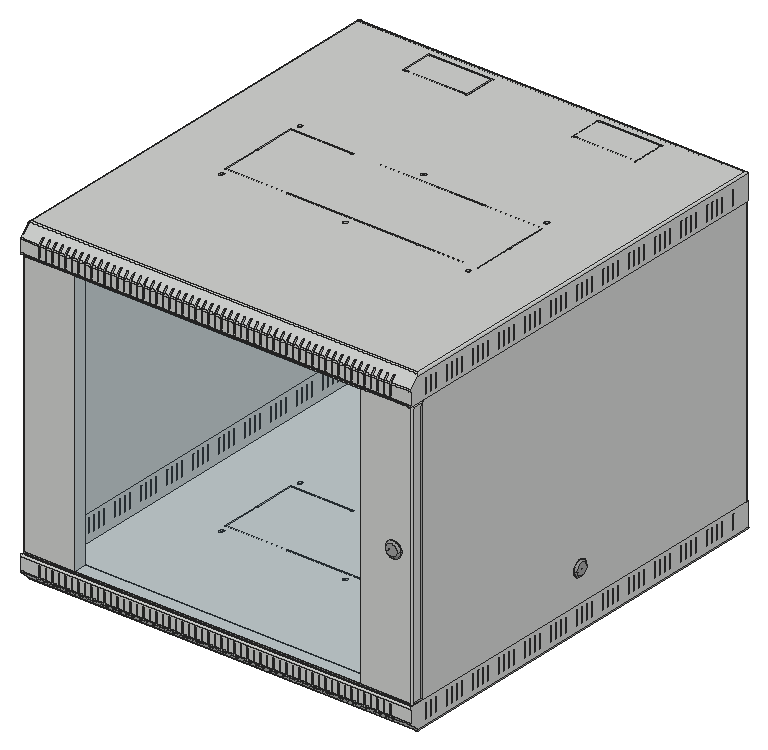
Revit family "600х650", category Обобщенные модели, Revit 2019 (continued)
Definition of nested family "Крышка 650"
  Forms (mm)
    Extrusion 70, void, detail levels medium+fine
      sketch origin (-272.566, 67.262, 0) x (1, 0, 0) y (0, 1, 0)
        loop
          arc (31.066, 148.933) -> (32.566, 147.433) -> (34.066, 148.933) r 1.5
          line (34.066, 148.933) -> (34.066, 172.333)
          arc (34.066, 172.333) -> (32.566, 173.833) -> (31.066, 172.333) r 1.5
      from 640 to 650 <- "ADSK_Размер_Глубина"
    Extrusion 71, void, detail levels medium+fine
      sketch origin (-262.566, 67.262, 0) x (1, 0, 0) y (0, 1, 0)
        loop
          line (31.066, 172.333) -> (31.066, 148.933)
          arc (31.066, 148.933) -> (32.566, 147.433) -> (34.066, 148.933) r 1.5
          line (34.066, 148.933) -> (34.066, 172.333)
          arc (34.066, 172.333) -> (32.566, 173.833) -> (31.066, 172.333) r 1.5
      from 640 to 650 <- "ADSK_Размер_Глубина"
    Extrusion 72, void, detail levels medium+fine
      sketch origin (-252.566, 67.262, 0) x (1, 0, 0) y (0, 1, 0)
        loop
          line (31.066, 172.333) -> (31.066, 148.933)
          arc (31.066, 148.933) -> (32.566, 147.433) -> (34.066, 148.933) r 1.5
          line (34.066, 148.933) -> (34.066, 172.333)
          arc (34.066, 172.333) -> (32.566, 173.833) -> (31.066, 172.333) r 1.5
      from 640 to 650 <- "ADSK_Размер_Глубина"
    Extrusion 73, void, detail levels medium+fine
      sketch origin (-242.566, 67.262, 0) x (1, 0, 0) y (0, 1, 0)
        loop
          line (31.066, 172.333) -> (31.066, 148.933)
          arc (31.066, 148.933) -> (32.566, 147.433) -> (34.066, 148.933) r 1.5
          line (34.066, 148.933) -> (34.066, 172.333)
          arc (34.066, 172.333) -> (32.566, 173.833) -> (31.066, 172.333) r 1.5
      from 640 to 650 <- "ADSK_Размер_Глубина"
    Extrusion 74, void, detail levels medium+fine
      sketch origin (-232.566, 67.262, 0) x (1, 0, 0) y (0, 1, 0)
        loop
          line (31.066, 172.333) -> (31.066, 148.933)
          arc (31.066, 148.933) -> (32.566, 147.433) -> (34.066, 148.933) r 1.5
          line (34.066, 148.933) -> (34.066, 172.333)
          arc (34.066, 172.333) -> (32.566, 173.833) -> (31.066, 172.333) r 1.5
      from 640 to 650 <- "ADSK_Размер_Глубина"
    Extrusion 75, void, detail levels medium+fine
      sketch origin (-222.566, 67.262, 0) x (1, 0, 0) y (0, 1, 0)
        loop
          line (31.066, 172.333) -> (31.066, 148.933)
          arc (31.066, 148.933) -> (32.566, 147.433) -> (34.066, 148.933) r 1.5
          line (34.066, 148.933) -> (34.066, 172.333)
          arc (34.066, 172.333) -> (32.566, 173.833) -> (31.066, 172.333) r 1.5
      from 640 to 650 <- "ADSK_Размер_Глубина"
    Extrusion 76, void, detail levels medium+fine
      sketch origin (-212.566, 67.262, 0) x (1, 0, 0) y (0, 1, 0)
        loop
          line (31.066, 172.333) -> (31.066, 148.933)
          arc (31.066, 148.933) -> (32.566, 147.433) -> (34.066, 148.933) r 1.5
          line (34.066, 148.933) -> (34.066, 172.333)
          arc (34.066, 172.333) -> (32.566, 173.833) -> (31.066, 172.333) r 1.5
      from 640 to 650 <- "ADSK_Размер_Глубина"
    Extrusion 77, void, detail levels medium+fine
      sketch origin (-202.566, 67.262, 0) x (1, 0, 0) y (0, 1, 0)
        loop
          line (31.066, 172.333) -> (31.066, 148.933)
          arc (31.066, 148.933) -> (32.566, 147.433) -> (34.066, 148.933) r 1.5
          line (34.066, 148.933) -> (34.066, 172.333)
          arc (34.066, 172.333) -> (32.566, 173.833) -> (31.066, 172.333) r 1.5
      from 640 to 650 <- "ADSK_Размер_Глубина"
    Extrusion 78, void, detail levels medium+fine
      sketch origin (-192.566, 67.262, 0) x (1, 0, 0) y (0, 1, 0)
        loop
          line (31.066, 172.333) -> (31.066, 148.933)
          arc (31.066, 148.933) -> (32.566, 147.433) -> (34.066, 148.933) r 1.5
          line (34.066, 148.933) -> (34.066, 172.333)
          arc (34.066, 172.333) -> (32.566, 173.833) -> (31.066, 172.333) r 1.5
      from 640 to 650 <- "ADSK_Размер_Глубина"
    Extrusion 79, void, detail levels medium+fine
      sketch origin (-182.566, 67.262, 0) x (1, 0, 0) y (0, 1, 0)
        loop
          line (31.066, 172.333) -> (31.066, 148.933)
          arc (31.066, 148.933) -> (32.566, 147.433) -> (34.066, 148.933) r 1.5
          line (34.066, 148.933) -> (34.066, 172.333)
          arc (34.066, 172.333) -> (32.566, 173.833) -> (31.066, 172.333) r 1.5
      from 640 to 650 <- "ADSK_Размер_Глубина"
    Extrusion 80, void, detail levels medium+fine
      sketch origin (-172.566, 67.262, 0) x (1, 0, 0) y (0, 1, 0)
        loop
          line (31.066, 172.333) -> (31.066, 148.933)
          arc (31.066, 148.933) -> (32.566, 147.433) -> (34.066, 148.933) r 1.5
          line (34.066, 148.933) -> (34.066, 172.333)
          arc (34.066, 172.333) -> (32.566, 173.833) -> (31.066, 172.333) r 1.5
      from 640 to 650 <- "ADSK_Размер_Глубина"
    Extrusion 81, void, detail levels medium+fine
      sketch origin (-162.566, 67.262, 0) x (1, 0, 0) y (0, 1, 0)
        loop
          line (31.066, 172.333) -> (31.066, 148.933)
          arc (31.066, 148.933) -> (32.566, 147.433) -> (34.066, 148.933) r 1.5
          line (34.066, 148.933) -> (34.066, 172.333)
          arc (34.066, 172.333) -> (32.566, 173.833) -> (31.066, 172.333) r 1.5
      from 640 to 650 <- "ADSK_Размер_Глубина"
    Extrusion 82, void, detail levels medium+fine
      sketch origin (-152.566, 67.262, 0) x (1, 0, 0) y (0, 1, 0)
        loop
          line (31.066, 172.333) -> (31.066, 148.933)
          arc (31.066, 148.933) -> (32.566, 147.433) -> (34.066, 148.933) r 1.5
          line (34.066, 148.933) -> (34.066, 172.333)
          arc (34.066, 172.333) -> (32.566, 173.833) -> (31.066, 172.333) r 1.5
      from 640 to 650 <- "ADSK_Размер_Глубина"
    Extrusion 83, void, detail levels medium+fine
      sketch origin (-142.566, 67.262, 0) x (1, 0, 0) y (0, 1, 0)
        loop
          line (31.066, 172.333) -> (31.066, 148.933)
          arc (31.066, 148.933) -> (32.566, 147.433) -> (34.066, 148.933) r 1.5
          line (34.066, 148.933) -> (34.066, 172.333)
          arc (34.066, 172.333) -> (32.566, 173.833) -> (31.066, 172.333) r 1.5
      from 640 to 650 <- "ADSK_Размер_Глубина"
    Extrusion 84, void, detail levels medium+fine
      sketch origin (-132.566, 67.262, 0) x (1, 0, 0) y (0, 1, 0)
        loop
          line (31.066, 172.333) -> (31.066, 148.933)
          arc (31.066, 148.933) -> (32.566, 147.433) -> (34.066, 148.933) r 1.5
          line (34.066, 148.933) -> (34.066, 172.333)
          arc (34.066, 172.333) -> (32.566, 173.833) -> (31.066, 172.333) r 1.5
      from 640 to 650 <- "ADSK_Размер_Глубина"
    Extrusion 85, void, detail levels medium+fine
      sketch origin (-122.566, 67.262, 0) x (1, 0, 0) y (0, 1, 0)
        loop
          line (31.066, 172.333) -> (31.066, 148.933)
          arc (31.066, 148.933) -> (32.566, 147.433) -> (34.066, 148.933) r 1.5
          line (34.066, 148.933) -> (34.066, 172.333)
          arc (34.066, 172.333) -> (32.566, 173.833) -> (31.066, 172.333) r 1.5
      from 640 to 650 <- "ADSK_Размер_Глубина"
    Extrusion 86, void, detail levels medium+fine
      sketch origin (-112.566, 67.262, 0) x (1, 0, 0) y (0, 1, 0)
        loop
          line (31.066, 172.333) -> (31.066, 148.933)
          arc (31.066, 148.933) -> (32.566, 147.433) -> (34.066, 148.933) r 1.5
          line (34.066, 148.933) -> (34.066, 172.333)
          arc (34.066, 172.333) -> (32.566, 173.833) -> (31.066, 172.333) r 1.5
      from 640 to 650 <- "ADSK_Размер_Глубина"
    Extrusion 87, void, detail levels medium+fine
      sketch origin (-102.566, 67.262, 0) x (1, 0, 0) y (0, 1, 0)
        loop
          line (31.066, 172.333) -> (31.066, 148.933)
          arc (31.066, 148.933) -> (32.566, 147.433) -> (34.066, 148.933) r 1.5
          line (34.066, 148.933) -> (34.066, 172.333)
          arc (34.066, 172.333) -> (32.566, 173.833) -> (31.066, 172.333) r 1.5
      from 640 to 650 <- "ADSK_Размер_Глубина"
    Extrusion 88, void, detail levels medium+fine
      sketch origin (-92.566, 67.262, 0) x (1, 0, 0) y (0, 1, 0)
        loop
          line (31.066, 172.333) -> (31.066, 148.933)
          arc (31.066, 148.933) -> (32.566, 147.433) -> (34.066, 148.933) r 1.5
          line (34.066, 148.933) -> (34.066, 172.333)
          arc (34.066, 172.333) -> (32.566, 173.833) -> (31.066, 172.333) r 1.5
      from 640 to 650 <- "ADSK_Размер_Глубина"
    Extrusion 89, void, detail levels medium+fine
      sketch origin (-82.566, 67.262, 0) x (1, 0, 0) y (0, 1, 0)
        loop
          line (31.066, 172.333) -> (31.066, 148.933)
          arc (31.066, 148.933) -> (32.566, 147.433) -> (34.066, 148.933) r 1.5
          line (34.066, 148.933) -> (34.066, 172.333)
          arc (34.066, 172.333) -> (32.566, 173.833) -> (31.066, 172.333) r 1.5
      from 640 to 650 <- "ADSK_Размер_Глубина"
    Extrusion 90, void, detail levels medium+fine
      sketch origin (-72.566, 67.262, 0) x (1, 0, 0) y (0, 1, 0)
        loop
          line (31.066, 172.333) -> (31.066, 148.933)
          arc (31.066, 148.933) -> (32.566, 147.433) -> (34.066, 148.933) r 1.5
          line (34.066, 148.933) -> (34.066, 172.333)
          arc (34.066, 172.333) -> (32.566, 173.833) -> (31.066, 172.333) r 1.5
      from 640 to 650 <- "ADSK_Размер_Глубина"
    Extrusion 91, void, detail levels medium+fine
      sketch origin (-62.566, 67.262, 0) x (1, 0, 0) y (0, 1, 0)
        loop
          line (31.066, 172.333) -> (31.066, 148.933)
          arc (31.066, 148.933) -> (32.566, 147.433) -> (34.066, 148.933) r 1.5
          line (34.066, 148.933) -> (34.066, 172.333)
          arc (34.066, 172.333) -> (32.566, 173.833) -> (31.066, 172.333) r 1.5
      from 640 to 650 <- "ADSK_Размер_Глубина"
    Extrusion 92, void, detail levels medium+fine
      sketch origin (-52.566, 67.262, 0) x (1, 0, 0) y (0, 1, 0)
        loop
          line (31.066, 172.333) -> (31.066, 148.933)
          arc (31.066, 148.933) -> (32.566, 147.433) -> (34.066, 148.933) r 1.5
          line (34.066, 148.933) -> (34.066, 172.333)
          arc (34.066, 172.333) -> (32.566, 173.833) -> (31.066, 172.333) r 1.5
      from 640 to 650 <- "ADSK_Размер_Глубина"
    Extrusion 93, void, detail levels medium+fine
      sketch origin (-42.566, 67.262, 0) x (1, 0, 0) y (0, 1, 0)
        loop
          line (31.066, 172.333) -> (31.066, 148.933)
          arc (31.066, 148.933) -> (32.566, 147.433) -> (34.066, 148.933) r 1.5
          line (34.066, 148.933) -> (34.066, 172.333)
          arc (34.066, 172.333) -> (32.566, 173.833) -> (31.066, 172.333) r 1.5
      from 640 to 650 <- "ADSK_Размер_Глубина"
    Extrusion 94, void, detail levels medium+fine
      sketch origin (-32.566, 67.262, 0) x (1, 0, 0) y (0, 1, 0)
        loop
          line (31.066, 172.333) -> (31.066, 148.933)
          arc (31.066, 148.933) -> (32.566, 147.433) -> (34.066, 148.933) r 1.5
          line (34.066, 148.933) -> (34.066, 172.333)
          arc (34.066, 172.333) -> (32.566, 173.833) -> (31.066, 172.333) r 1.5
      from 640 to 650 <- "ADSK_Размер_Глубина"
    Extrusion 95, void, detail levels medium+fine
      sketch origin (-22.566, 67.262, 0) x (1, 0, 0) y (0, 1, 0)
        loop
          line (31.066, 172.333) -> (31.066, 148.933)
          arc (31.066, 148.933) -> (32.566, 147.433) -> (34.066, 148.933) r 1.5
          line (34.066, 148.933) -> (34.066, 172.333)
          arc (34.066, 172.333) -> (32.566, 173.833) -> (31.066, 172.333) r 1.5
      from 640 to 650 <- "ADSK_Размер_Глубина"
    Extrusion 96, void, detail levels medium+fine
      sketch origin (-12.566, 67.262, 0) x (1, 0, 0) y (0, 1, 0)
        loop
          line (31.066, 172.333) -> (31.066, 148.933)
          arc (31.066, 148.933) -> (32.566, 147.433) -> (34.066, 148.933) r 1.5
          line (34.066, 148.933) -> (34.066, 172.333)
          arc (34.066, 172.333) -> (32.566, 173.833) -> (31.066, 172.333) r 1.5
      from 640 to 650 <- "ADSK_Размер_Глубина"
    Extrusion 97, void, detail levels medium+fine
      sketch origin (-2.566, 67.262, 0) x (1, 0, 0) y (0, 1, 0)
        loop
          line (31.066, 172.333) -> (31.066, 148.933)
          arc (31.066, 148.933) -> (32.566, 147.433) -> (34.066, 148.933) r 1.5
          line (34.066, 148.933) -> (34.066, 172.333)
          arc (34.066, 172.333) -> (32.566, 173.833) -> (31.066, 172.333) r 1.5
      from 640 to 650 <- "ADSK_Размер_Глубина"
    Extrusion 98, void, detail levels medium+fine
      sketch origin (7.434, 67.262, 0) x (1, 0, 0) y (0, 1, 0)
        loop
          line (31.066, 172.333) -> (31.066, 148.933)
          arc (31.066, 148.933) -> (32.566, 147.433) -> (34.066, 148.933) r 1.5
          line (34.066, 148.933) -> (34.066, 172.333)
          arc (34.066, 172.333) -> (32.566, 173.833) -> (31.066, 172.333) r 1.5
      from 640 to 650 <- "ADSK_Размер_Глубина"
    Extrusion 99, void, detail levels medium+fine
      sketch origin (17.434, 67.262, 0) x (1, 0, 0) y (0, 1, 0)
        loop
          line (31.066, 172.333) -> (31.066, 148.933)
          arc (31.066, 148.933) -> (32.566, 147.433) -> (34.066, 148.933) r 1.5
          line (34.066, 148.933) -> (34.066, 172.333)
          arc (34.066, 172.333) -> (32.566, 173.833) -> (31.066, 172.333) r 1.5
      from 640 to 650 <- "ADSK_Размер_Глубина"
    Extrusion 100, void, detail levels medium+fine
      sketch origin (27.434, 67.262, 0) x (1, 0, 0) y (0, 1, 0)
        loop
          line (31.066, 172.333) -> (31.066, 148.933)
          arc (31.066, 148.933) -> (32.566, 147.433) -> (34.066, 148.933) r 1.5
          line (34.066, 148.933) -> (34.066, 172.333)
          arc (34.066, 172.333) -> (32.566, 173.833) -> (31.066, 172.333) r 1.5
      from 640 to 650 <- "ADSK_Размер_Глубина"
    Extrusion 101, void, detail levels medium+fine
      sketch origin (37.434, 67.262, 0) x (1, 0, 0) y (0, 1, 0)
        loop
          line (31.066, 172.333) -> (31.066, 148.933)
          arc (31.066, 148.933) -> (32.566, 147.433) -> (34.066, 148.933) r 1.5
          line (34.066, 148.933) -> (34.066, 172.333)
          arc (34.066, 172.333) -> (32.566, 173.833) -> (31.066, 172.333) r 1.5
      from 640 to 650 <- "ADSK_Размер_Глубина"
    Extrusion 102, void, detail levels medium+fine
      sketch origin (47.434, 67.262, 0) x (1, 0, 0) y (0, 1, 0)
        loop
          line (31.066, 172.333) -> (31.066, 148.933)
          arc (31.066, 148.933) -> (32.566, 147.433) -> (34.066, 148.933) r 1.5
          line (34.066, 148.933) -> (34.066, 172.333)
          arc (34.066, 172.333) -> (32.566, 173.833) -> (31.066, 172.333) r 1.5
      from 640 to 650 <- "ADSK_Размер_Глубина"
    Extrusion 103, void, detail levels medium+fine
      sketch origin (57.434, 67.262, 0) x (1, 0, 0) y (0, 1, 0)
        loop
          line (31.066, 172.333) -> (31.066, 148.933)
          arc (31.066, 148.933) -> (32.566, 147.433) -> (34.066, 148.933) r 1.5
          line (34.066, 148.933) -> (34.066, 172.333)
          arc (34.066, 172.333) -> (32.566, 173.833) -> (31.066, 172.333) r 1.5
      from 640 to 650 <- "ADSK_Размер_Глубина"
    Extrusion 104, void, detail levels medium+fine
      sketch origin (67.434, 67.262, 0) x (1, 0, 0) y (0, 1, 0)
        loop
          line (31.066, 172.333) -> (31.066, 148.933)
          arc (31.066, 148.933) -> (32.566, 147.433) -> (34.066, 148.933) r 1.5
          line (34.066, 148.933) -> (34.066, 172.333)
          arc (34.066, 172.333) -> (32.566, 173.833) -> (31.066, 172.333) r 1.5
      from 640 to 650 <- "ADSK_Размер_Глубина"
    Extrusion 105, void, detail levels medium+fine
      sketch origin (77.434, 67.262, 0) x (1, 0, 0) y (0, 1, 0)
        loop
          line (31.066, 172.333) -> (31.066, 148.933)
          arc (31.066, 148.933) -> (32.566, 147.433) -> (34.066, 148.933) r 1.5
          line (34.066, 148.933) -> (34.066, 172.333)
          arc (34.066, 172.333) -> (32.566, 173.833) -> (31.066, 172.333) r 1.5
      from 640 to 650 <- "ADSK_Размер_Глубина"
    Extrusion 106, void, detail levels medium+fine
      sketch origin (87.434, 67.262, 0) x (1, 0, 0) y (0, 1, 0)
        loop
          line (31.066, 172.333) -> (31.066, 148.933)
          arc (31.066, 148.933) -> (32.566, 147.433) -> (34.066, 148.933) r 1.5
          line (34.066, 148.933) -> (34.066, 172.333)
          arc (34.066, 172.333) -> (32.566, 173.833) -> (31.066, 172.333) r 1.5
      from 640 to 650 <- "ADSK_Размер_Глубина"
    Extrusion 107, void, detail levels medium+fine
      sketch origin (97.434, 67.262, 0) x (1, 0, 0) y (0, 1, 0)
        loop
          line (31.066, 172.333) -> (31.066, 148.933)
          arc (31.066, 148.933) -> (32.566, 147.433) -> (34.066, 148.933) r 1.5
          line (34.066, 148.933) -> (34.066, 172.333)
          arc (34.066, 172.333) -> (32.566, 173.833) -> (31.066, 172.333) r 1.5
      from 640 to 650 <- "ADSK_Размер_Глубина"
    Extrusion 108, void, detail levels medium+fine
      sketch origin (107.434, 67.262, 0) x (1, 0, 0) y (0, 1, 0)
        loop
          line (31.066, 172.333) -> (31.066, 148.933)
          arc (31.066, 148.933) -> (32.566, 147.433) -> (34.066, 148.933) r 1.5
          line (34.066, 148.933) -> (34.066, 172.333)
          arc (34.066, 172.333) -> (32.566, 173.833) -> (31.066, 172.333) r 1.5
      from 640 to 650 <- "ADSK_Размер_Глубина"
    Extrusion 109, void, detail levels medium+fine
      sketch origin (117.434, 67.262, 0) x (1, 0, 0) y (0, 1, 0)
        loop
          line (31.066, 172.333) -> (31.066, 148.933)
          arc (31.066, 148.933) -> (32.566, 147.433) -> (34.066, 148.933) r 1.5
          line (34.066, 148.933) -> (34.066, 172.333)
          arc (34.066, 172.333) -> (32.566, 173.833) -> (31.066, 172.333) r 1.5
      from 640 to 650 <- "ADSK_Размер_Глубина"
    Extrusion 110, void, detail levels medium+fine
      sketch origin (127.434, 67.262, 0) x (1, 0, 0) y (0, 1, 0)
        loop
          line (31.066, 172.333) -> (31.066, 148.933)
          arc (31.066, 148.933) -> (32.566, 147.433) -> (34.066, 148.933) r 1.5
          line (34.066, 148.933) -> (34.066, 172.333)
          arc (34.066, 172.333) -> (32.566, 173.833) -> (31.066, 172.333) r 1.5
      from 640 to 650 <- "ADSK_Размер_Глубина"
    Extrusion 111, void, detail levels medium+fine
      sketch origin (137.434, 67.262, 0) x (1, 0, 0) y (0, 1, 0)
        loop
          line (31.066, 172.333) -> (31.066, 148.933)
          arc (31.066, 148.933) -> (32.566, 147.433) -> (34.066, 148.933) r 1.5
          line (34.066, 148.933) -> (34.066, 172.333)
          arc (34.066, 172.333) -> (32.566, 173.833) -> (31.066, 172.333) r 1.5
      from 640 to 650 <- "ADSK_Размер_Глубина"
    Extrusion 112, void, detail levels medium+fine
      sketch origin (147.434, 67.262, 0) x (1, 0, 0) y (0, 1, 0)
        loop
          line (31.066, 172.333) -> (31.066, 148.933)
          arc (31.066, 148.933) -> (32.566, 147.433) -> (34.066, 148.933) r 1.5
          line (34.066, 148.933) -> (34.066, 172.333)
          arc (34.066, 172.333) -> (32.566, 173.833) -> (31.066, 172.333) r 1.5
      from 640 to 650 <- "ADSK_Размер_Глубина"
    Extrusion 113, void, detail levels medium+fine
      sketch origin (157.434, 67.262, 0) x (1, 0, 0) y (0, 1, 0)
        loop
          line (31.066, 172.333) -> (31.066, 148.933)
          arc (31.066, 148.933) -> (32.566, 147.433) -> (34.066, 148.933) r 1.5
          line (34.066, 148.933) -> (34.066, 172.333)
          arc (34.066, 172.333) -> (32.566, 173.833) -> (31.066, 172.333) r 1.5
      from 640 to 650 <- "ADSK_Размер_Глубина"
    Extrusion 114, void, detail levels medium+fine
      sketch origin (167.434, 67.262, 0) x (1, 0, 0) y (0, 1, 0)
        loop
          line (31.066, 172.333) -> (31.066, 148.933)
          arc (31.066, 148.933) -> (32.566, 147.433) -> (34.066, 148.933) r 1.5
          line (34.066, 148.933) -> (34.066, 172.333)
          arc (34.066, 172.333) -> (32.566, 173.833) -> (31.066, 172.333) r 1.5
      from 640 to 650 <- "ADSK_Размер_Глубина"
    Extrusion 115, void, detail levels medium+fine
      sketch origin (177.434, 67.262, 0) x (1, 0, 0) y (0, 1, 0)
        loop
          line (31.066, 172.333) -> (31.066, 148.933)
          arc (31.066, 148.933) -> (32.566, 147.433) -> (34.066, 148.933) r 1.5
          line (34.066, 148.933) -> (34.066, 172.333)
          arc (34.066, 172.333) -> (32.566, 173.833) -> (31.066, 172.333) r 1.5
      from 640 to 650 <- "ADSK_Размер_Глубина"
    Extrusion 116, void, detail levels medium+fine
      sketch origin (187.434, 67.262, 0) x (1, 0, 0) y (0, 1, 0)
        loop
          line (31.066, 172.333) -> (31.066, 148.933)
          arc (31.066, 148.933) -> (32.566, 147.433) -> (34.066, 148.933) r 1.5
          line (34.066, 148.933) -> (34.066, 172.333)
          arc (34.066, 172.333) -> (32.566, 173.833) -> (31.066, 172.333) r 1.5
      from 640 to 650 <- "ADSK_Размер_Глубина"
    Extrusion 117, void, detail levels medium+fine
      sketch origin (197.434, 67.262, 0) x (1, 0, 0) y (0, 1, 0)
        loop
          line (31.066, 172.333) -> (31.066, 148.933)
          arc (31.066, 148.933) -> (32.566, 147.433) -> (34.066, 148.933) r 1.5
          line (34.066, 148.933) -> (34.066, 172.333)
          arc (34.066, 172.333) -> (32.566, 173.833) -> (31.066, 172.333) r 1.5
      from 640 to 650 <- "ADSK_Размер_Глубина"
    Extrusion 118, void, detail levels medium+fine
      sketch origin (207.434, 67.262, 0) x (1, 0, 0) y (0, 1, 0)
        loop
          line (31.066, 172.333) -> (31.066, 148.933)
          arc (31.066, 148.933) -> (32.566, 147.433) -> (34.066, 148.933) r 1.5
          line (34.066, 148.933) -> (34.066, 172.333)
          arc (34.066, 172.333) -> (32.566, 173.833) -> (31.066, 172.333) r 1.5
      from 640 to 650 <- "ADSK_Размер_Глубина"
    Extrusion 119, void, detail levels medium+fine
      sketch origin (217.434, 67.262, 0) x (1, 0, 0) y (0, 1, 0)
        loop
          line (31.066, 172.333) -> (31.066, 148.933)
          arc (31.066, 148.933) -> (32.566, 147.433) -> (34.066, 148.933) r 1.5
          line (34.066, 148.933) -> (34.066, 172.333)
          arc (34.066, 172.333) -> (32.566, 173.833) -> (31.066, 172.333) r 1.5
      from 640 to 650 <- "ADSK_Размер_Глубина"
    Extrusion 120, void, detail levels medium+fine
      sketch origin (227.434, 67.262, 0) x (1, 0, 0) y (0, 1, 0)
        loop
          line (31.066, 172.333) -> (31.066, 148.933)
          arc (31.066, 148.933) -> (32.566, 147.433) -> (34.066, 148.933) r 1.5
          line (34.066, 148.933) -> (34.066, 172.333)
          arc (34.066, 172.333) -> (32.566, 173.833) -> (31.066, 172.333) r 1.5
      from 640 to 650 <- "ADSK_Размер_Глубина"
    Extrusion 121, void, detail levels medium+fine
      sketch origin (237.434, 67.262, 0) x (1, 0, 0) y (0, 1, 0)
        loop
          line (31.066, 172.333) -> (31.066, 148.933)
          arc (31.066, 148.933) -> (32.566, 147.433) -> (34.066, 148.933) r 1.5
          line (34.066, 148.933) -> (34.066, 172.333)
          arc (34.066, 172.333) -> (32.566, 173.833) -> (31.066, 172.333) r 1.5
      from 640 to 650 <- "ADSK_Размер_Глубина"
    Extrusion 122, void, detail levels medium+fine
      sketch origin (0, 0, -154.506) x (0, 1, 0) y (0, 0, -1)
        loop
          arc (238.196, -626.499) -> (239.942, -624.752) -> (238.196, -623.006) r 1.747
          line (238.196, -623.006) -> (216.196, -623.006)
          arc (216.196, -623.006) -> (214.449, -624.752) -> (216.196, -626.499) r 1.747
          line (216.196, -626.499) -> (238.196, -626.499)
      from 299 to 300
    Extrusion 123, void, detail levels medium+fine
      sketch origin (0, 0, -174.506) x (0, 1, 0) y (0, 0, -1)
        loop
          arc (238.196, -626.499) -> (239.942, -624.752) -> (238.196, -623.006) r 1.747
          line (238.196, -623.006) -> (216.196, -623.006)
          arc (216.196, -623.006) -> (214.449, -624.752) -> (216.196, -626.499) r 1.747
          line (216.196, -626.499) -> (238.196, -626.499)
      from 299 to 300
    Extrusion 124, void, detail levels medium+fine
      sketch origin (0, 0, -164.506) x (0, 1, 0) y (0, 0, -1)
        loop
          arc (238.196, -626.499) -> (239.942, -624.752) -> (238.196, -623.006) r 1.747
          line (238.196, -623.006) -> (216.196, -623.006)
          arc (216.196, -623.006) -> (214.449, -624.752) -> (216.196, -626.499) r 1.747
          line (216.196, -626.499) -> (238.196, -626.499)
      from 299 to 300
    Extrusion 125, void, detail levels medium+fine
      sketch origin (0, 0, -184.506) x (0, 1, 0) y (0, 0, -1)
        loop
          arc (238.196, -626.499) -> (239.942, -624.752) -> (238.196, -623.006) r 1.747
          line (238.196, -623.006) -> (216.196, -623.006)
          arc (216.196, -623.006) -> (214.449, -624.752) -> (216.196, -626.499) r 1.747
          line (216.196, -626.499) -> (238.196, -626.499)
      from 299 to 300
    Extrusion 126, void, detail levels medium+fine
      sketch origin (0, 0, -204.506) x (0, 1, 0) y (0, 0, -1)
        loop
          arc (238.196, -426.499) -> (239.942, -424.752) -> (238.196, -423.006) r 1.747
          line (238.196, -423.006) -> (216.196, -423.006)
          arc (216.196, -423.006) -> (214.449, -424.752) -> (216.196, -426.499) r 1.747
          line (216.196, -426.499) -> (238.196, -426.499)
      from 299 to 300
    Extrusion 127, void, detail levels medium+fine
      sketch origin (0, 0, -194.506) x (0, 1, 0) y (0, 0, -1)
        loop
          arc (238.196, -626.499) -> (239.942, -624.752) -> (238.196, -623.006) r 1.747
          line (238.196, -623.006) -> (216.196, -623.006)
          arc (216.196, -623.006) -> (214.449, -624.752) -> (216.196, -626.499) r 1.747
          line (216.196, -626.499) -> (238.196, -626.499)
      from 299 to 300
    Extrusion 128, void, detail levels medium+fine
      sketch origin (0, 0, -214.506) x (0, 1, 0) y (0, 0, -1)
        loop
          arc (238.196, -426.499) -> (239.942, -424.752) -> (238.196, -423.006) r 1.747
          line (238.196, -423.006) -> (216.196, -423.006)
          arc (216.196, -423.006) -> (214.449, -424.752) -> (216.196, -426.499) r 1.747
          line (216.196, -426.499) -> (238.196, -426.499)
      from 299 to 300
    Extrusion 129, void, detail levels medium+fine
      sketch origin (0, 0, -234.506) x (0, 1, 0) y (0, 0, -1)
        loop
          arc (238.196, -426.499) -> (239.942, -424.752) -> (238.196, -423.006) r 1.747
          line (238.196, -423.006) -> (216.196, -423.006)
          arc (216.196, -423.006) -> (214.449, -424.752) -> (216.196, -426.499) r 1.747
          line (216.196, -426.499) -> (238.196, -426.499)
      from 299 to 300
    Extrusion 130, void, detail levels medium+fine
      sketch origin (0, 0, -224.506) x (0, 1, 0) y (0, 0, -1)
        loop
          arc (238.196, -426.499) -> (239.942, -424.752) -> (238.196, -423.006) r 1.747
          line (238.196, -423.006) -> (216.196, -423.006)
          arc (216.196, -423.006) -> (214.449, -424.752) -> (216.196, -426.499) r 1.747
          line (216.196, -426.499) -> (238.196, -426.499)
      from 299 to 300
    Extrusion 131, void, detail levels medium+fine
      sketch origin (0, 0, -244.506) x (0, 1, 0) y (0, 0, -1)
        loop
          arc (238.196, -426.499) -> (239.942, -424.752) -> (238.196, -423.006) r 1.747
          line (238.196, -423.006) -> (216.196, -423.006)
          arc (216.196, -423.006) -> (214.449, -424.752) -> (216.196, -426.499) r 1.747
          line (216.196, -426.499) -> (238.196, -426.499)
      from 299 to 300
    Extrusion 132, void, detail levels medium+fine
      sketch origin (0, 0, -194.506) x (0, 1, 0) y (0, 0, 1)
        loop
          line (238.196, 626.499) -> (216.196, 626.499)
          arc (216.196, 626.499) -> (214.449, 624.752) -> (216.196, 623.006) r 1.747
          line (216.196, 623.006) -> (238.196, 623.006)
          arc (238.196, 623.006) -> (239.942, 624.752) -> (238.196, 626.499) r 1.747
      from 299 to 300
    Extrusion 133, void, detail levels medium+fine
      sketch origin (0, 0, -184.506) x (0, 1, 0) y (0, 0, 1)
        loop
          line (238.196, 626.499) -> (216.196, 626.499)
          arc (216.196, 626.499) -> (214.449, 624.752) -> (216.196, 623.006) r 1.747
          line (216.196, 623.006) -> (238.196, 623.006)
          arc (238.196, 623.006) -> (239.942, 624.752) -> (238.196, 626.499) r 1.747
      from 299 to 300
    Extrusion 134, void, detail levels medium+fine
      sketch origin (0, 0, -174.506) x (0, 1, 0) y (0, 0, 1)
        loop
          line (238.196, 626.499) -> (216.196, 626.499)
          arc (216.196, 626.499) -> (214.449, 624.752) -> (216.196, 623.006) r 1.747
          line (216.196, 623.006) -> (238.196, 623.006)
          arc (238.196, 623.006) -> (239.942, 624.752) -> (238.196, 626.499) r 1.747
      from 299 to 300
    Extrusion 135, void, detail levels medium+fine
      sketch origin (0, 0, -164.506) x (0, 1, 0) y (0, 0, 1)
        loop
          line (238.196, 626.499) -> (216.196, 626.499)
          arc (216.196, 626.499) -> (214.449, 624.752) -> (216.196, 623.006) r 1.747
          line (216.196, 623.006) -> (238.196, 623.006)
          arc (238.196, 623.006) -> (239.942, 624.752) -> (238.196, 626.499) r 1.747
      from 299 to 300
    Extrusion 136, void, detail levels medium+fine
      sketch origin (0, 0, -154.506) x (0, 1, 0) y (0, 0, 1)
        loop
          line (238.196, 626.499) -> (216.196, 626.499)
          arc (216.196, 626.499) -> (214.449, 624.752) -> (216.196, 623.006) r 1.747
          line (216.196, 623.006) -> (238.196, 623.006)
          arc (238.196, 623.006) -> (239.942, 624.752) -> (238.196, 626.499) r 1.747
      from 299 to 300
    Extrusion 137, void, detail levels medium+fine
      sketch origin (0, 0, -244.506) x (0, 1, 0) y (0, 0, -1)
        loop
          arc (238.196, -626.499) -> (239.942, -624.752) -> (238.196, -623.006) r 1.747
          line (238.196, -623.006) -> (216.196, -623.006)
          arc (216.196, -623.006) -> (214.449, -624.752) -> (216.196, -626.499) r 1.747
          line (216.196, -626.499) -> (238.196, -626.499)
      from 299 to 300
    Extrusion 138, void, detail levels medium+fine
      sketch origin (0, 0, -234.506) x (0, 1, 0) y (0, 0, -1)
        loop
          arc (238.196, -626.499) -> (239.942, -624.752) -> (238.196, -623.006) r 1.747
          line (238.196, -623.006) -> (216.196, -623.006)
          arc (216.196, -623.006) -> (214.449, -624.752) -> (216.196, -626.499) r 1.747
          line (216.196, -626.499) -> (238.196, -626.499)
      from 299 to 300
    Extrusion 139, void, detail levels medium+fine
      sketch origin (0, 0, -224.506) x (0, 1, 0) y (0, 0, -1)
        loop
          arc (238.196, -626.499) -> (239.942, -624.752) -> (238.196, -623.006) r 1.747
          line (238.196, -623.006) -> (216.196, -623.006)
          arc (216.196, -623.006) -> (214.449, -624.752) -> (216.196, -626.499) r 1.747
          line (216.196, -626.499) -> (238.196, -626.499)
      from 299 to 300
    Extrusion 140, void, detail levels medium+fine
      sketch origin (0, 0, -214.506) x (0, 1, 0) y (0, 0, -1)
        loop
          arc (238.196, -626.499) -> (239.942, -624.752) -> (238.196, -623.006) r 1.747
          line (238.196, -623.006) -> (216.196, -623.006)
          arc (216.196, -623.006) -> (214.449, -624.752) -> (216.196, -626.499) r 1.747
          line (216.196, -626.499) -> (238.196, -626.499)
      from 299 to 300
    Extrusion 141, void, detail levels medium+fine
      sketch origin (0, 0, -204.506) x (0, 1, 0) y (0, 0, -1)
        loop
          arc (238.196, -626.499) -> (239.942, -624.752) -> (238.196, -623.006) r 1.747
          line (238.196, -623.006) -> (216.196, -623.006)
          arc (216.196, -623.006) -> (214.449, -624.752) -> (216.196, -626.499) r 1.747
          line (216.196, -626.499) -> (238.196, -626.499)
      from 299 to 300
    Extrusion 142, void, detail levels medium+fine
      sketch origin (0, 0, -254.506) x (0, 1, 0) y (0, 0, -1)
        loop
          arc (238.196, -526.499) -> (239.942, -524.752) -> (238.196, -523.006) r 1.747
          line (238.196, -523.006) -> (216.196, -523.006)
          arc (216.196, -523.006) -> (214.449, -524.752) -> (216.196, -526.499) r 1.747
          line (216.196, -526.499) -> (238.196, -526.499)
      from 299 to 300
    Extrusion 143, void, detail levels medium+fine
      sketch origin (0, 0, -274.506) x (0, 1, 0) y (0, 0, -1)
        loop
          arc (238.196, -526.499) -> (239.942, -524.752) -> (238.196, -523.006) r 1.747
          line (238.196, -523.006) -> (216.196, -523.006)
          arc (216.196, -523.006) -> (214.449, -524.752) -> (216.196, -526.499) r 1.747
          line (216.196, -526.499) -> (238.196, -526.499)
      from 299 to 300
    Extrusion 144, void, detail levels medium+fine
      sketch origin (0, 0, -264.506) x (0, 1, 0) y (0, 0, -1)
        loop
          arc (238.196, -526.499) -> (239.942, -524.752) -> (238.196, -523.006) r 1.747
          line (238.196, -523.006) -> (216.196, -523.006)
          arc (216.196, -523.006) -> (214.449, -524.752) -> (216.196, -526.499) r 1.747
          line (216.196, -526.499) -> (238.196, -526.499)
      from 299 to 300
    Extrusion 145, void, detail levels medium+fine
      sketch origin (0, 0, -284.506) x (0, 1, 0) y (0, 0, -1)
        loop
          arc (238.196, -526.499) -> (239.942, -524.752) -> (238.196, -523.006) r 1.747
          line (238.196, -523.006) -> (216.196, -523.006)
          arc (216.196, -523.006) -> (214.449, -524.752) -> (216.196, -526.499) r 1.747
          line (216.196, -526.499) -> (238.196, -526.499)
      from 299 to 300
    Extrusion 146, void, detail levels medium+fine
      sketch origin (0, 0, -294.506) x (0, 1, 0) y (0, 0, -1)
        loop
          arc (238.196, -526.499) -> (239.942, -524.752) -> (238.196, -523.006) r 1.747
          line (238.196, -523.006) -> (216.196, -523.006)
          arc (216.196, -523.006) -> (214.449, -524.752) -> (216.196, -526.499) r 1.747
          line (216.196, -526.499) -> (238.196, -526.499)
      from 299 to 300
    Extrusion 147, void, detail levels medium+fine
      sketch origin (0, 0, -244.506) x (0, 1, 0) y (0, 0, 1)
        loop
          line (238.196, 626.499) -> (216.196, 626.499)
          arc (216.196, 626.499) -> (214.449, 624.752) -> (216.196, 623.006) r 1.747
          line (216.196, 623.006) -> (238.196, 623.006)
          arc (238.196, 623.006) -> (239.942, 624.752) -> (238.196, 626.499) r 1.747
      from 299 to 300
    Extrusion 148, void, detail levels medium+fine
      sketch origin (0, 0, -234.506) x (0, 1, 0) y (0, 0, 1)
        loop
          line (238.196, 626.499) -> (216.196, 626.499)
          arc (216.196, 626.499) -> (214.449, 624.752) -> (216.196, 623.006) r 1.747
          line (216.196, 623.006) -> (238.196, 623.006)
          arc (238.196, 623.006) -> (239.942, 624.752) -> (238.196, 626.499) r 1.747
      from 299 to 300
    Extrusion 149, void, detail levels medium+fine
      sketch origin (0, 0, -224.506) x (0, 1, 0) y (0, 0, 1)
        loop
          line (238.196, 626.499) -> (216.196, 626.499)
          arc (216.196, 626.499) -> (214.449, 624.752) -> (216.196, 623.006) r 1.747
          line (216.196, 623.006) -> (238.196, 623.006)
          arc (238.196, 623.006) -> (239.942, 624.752) -> (238.196, 626.499) r 1.747
      from 299 to 300
    Extrusion 150, void, detail levels medium+fine
      sketch origin (0, 0, -214.506) x (0, 1, 0) y (0, 0, 1)
        loop
          line (238.196, 626.499) -> (216.196, 626.499)
          arc (216.196, 626.499) -> (214.449, 624.752) -> (216.196, 623.006) r 1.747
          line (216.196, 623.006) -> (238.196, 623.006)
          arc (238.196, 623.006) -> (239.942, 624.752) -> (238.196, 626.499) r 1.747
      from 299 to 300
    Extrusion 151, void, detail levels medium+fine
      sketch origin (0, 0, -204.506) x (0, 1, 0) y (0, 0, 1)
        loop
          line (238.196, 626.499) -> (216.196, 626.499)
          arc (216.196, 626.499) -> (214.449, 624.752) -> (216.196, 623.006) r 1.747
          line (216.196, 623.006) -> (238.196, 623.006)
          arc (238.196, 623.006) -> (239.942, 624.752) -> (238.196, 626.499) r 1.747
      from 299 to 300
    Extrusion 152, void, detail levels medium+fine
      sketch origin (0, 0, -294.506) x (0, 1, 0) y (0, 0, 1)
        loop
          line (238.196, 526.499) -> (216.196, 526.499)
          arc (216.196, 526.499) -> (214.449, 524.752) -> (216.196, 523.006) r 1.747
          line (216.196, 523.006) -> (238.196, 523.006)
          arc (238.196, 523.006) -> (239.942, 524.752) -> (238.196, 526.499) r 1.747
      from 299 to 300
    Extrusion 153, void, detail levels medium+fine
      sketch origin (0, 0, -284.506) x (0, 1, 0) y (0, 0, 1)
        loop
          line (238.196, 526.499) -> (216.196, 526.499)
          arc (216.196, 526.499) -> (214.449, 524.752) -> (216.196, 523.006) r 1.747
          line (216.196, 523.006) -> (238.196, 523.006)
          arc (238.196, 523.006) -> (239.942, 524.752) -> (238.196, 526.499) r 1.747
      from 299 to 300
    Extrusion 154, void, detail levels medium+fine
      sketch origin (0, 0, -274.506) x (0, 1, 0) y (0, 0, 1)
        loop
          line (238.196, 526.499) -> (216.196, 526.499)
          arc (216.196, 526.499) -> (214.449, 524.752) -> (216.196, 523.006) r 1.747
          line (216.196, 523.006) -> (238.196, 523.006)
          arc (238.196, 523.006) -> (239.942, 524.752) -> (238.196, 526.499) r 1.747
      from 299 to 300
    Extrusion 155, void, detail levels medium+fine
      sketch origin (0, 0, -264.506) x (0, 1, 0) y (0, 0, 1)
        loop
          line (238.196, 526.499) -> (216.196, 526.499)
          arc (216.196, 526.499) -> (214.449, 524.752) -> (216.196, 523.006) r 1.747
          line (216.196, 523.006) -> (238.196, 523.006)
          arc (238.196, 523.006) -> (239.942, 524.752) -> (238.196, 526.499) r 1.747
      from 299 to 300
    Extrusion 156, void, detail levels medium+fine
      sketch origin (0, 0, -254.506) x (0, 1, 0) y (0, 0, 1)
        loop
          line (238.196, 526.499) -> (216.196, 526.499)
          arc (216.196, 526.499) -> (214.449, 524.752) -> (216.196, 523.006) r 1.747
          line (216.196, 523.006) -> (238.196, 523.006)
          arc (238.196, 523.006) -> (239.942, 524.752) -> (238.196, 526.499) r 1.747
      from 299 to 300
    Extrusion 157, void, detail levels medium+fine
      sketch origin (0, 0, -334.506) x (0, 1, 0) y (0, 0, 1)
        loop
          line (238.196, 526.499) -> (216.196, 526.499)
          arc (216.196, 526.499) -> (214.449, 524.752) -> (216.196, 523.006) r 1.747
          line (216.196, 523.006) -> (238.196, 523.006)
          arc (238.196, 523.006) -> (239.942, 524.752) -> (238.196, 526.499) r 1.747
      from 299 to 300
    Extrusion 158, void, detail levels medium+fine
      sketch origin (0, 0, -324.506) x (0, 1, 0) y (0, 0, 1)
        loop
          line (238.196, 526.499) -> (216.196, 526.499)
          arc (216.196, 526.499) -> (214.449, 524.752) -> (216.196, 523.006) r 1.747
          line (216.196, 523.006) -> (238.196, 523.006)
          arc (238.196, 523.006) -> (239.942, 524.752) -> (238.196, 526.499) r 1.747
      from 299 to 300
    Extrusion 159, void, detail levels medium+fine
      sketch origin (0, 0, -314.506) x (0, 1, 0) y (0, 0, 1)
        loop
          line (238.196, 526.499) -> (216.196, 526.499)
          arc (216.196, 526.499) -> (214.449, 524.752) -> (216.196, 523.006) r 1.747
          line (216.196, 523.006) -> (238.196, 523.006)
          arc (238.196, 523.006) -> (239.942, 524.752) -> (238.196, 526.499) r 1.747
      from 299 to 300
    Extrusion 160, void, detail levels medium+fine
      sketch origin (0, 0, -304.506) x (0, 1, 0) y (0, 0, 1)
        loop
          line (238.196, 526.499) -> (216.196, 526.499)
          arc (216.196, 526.499) -> (214.449, 524.752) -> (216.196, 523.006) r 1.747
          line (216.196, 523.006) -> (238.196, 523.006)
          arc (238.196, 523.006) -> (239.942, 524.752) -> (238.196, 526.499) r 1.747
      from 299 to 300
    Extrusion 161, void, detail levels medium+fine
      sketch origin (0, 0, -344.506) x (0, 1, 0) y (0, 0, 1)
        loop
          line (238.196, 526.499) -> (216.196, 526.499)
          arc (216.196, 526.499) -> (214.449, 524.752) -> (216.196, 523.006) r 1.747
          line (216.196, 523.006) -> (238.196, 523.006)
          arc (238.196, 523.006) -> (239.942, 524.752) -> (238.196, 526.499) r 1.747
      from 299 to 300
    Extrusion 162, void, detail levels medium+fine
      sketch origin (0, 0, -294.506) x (0, 1, 0) y (0, 0, 1)
        loop
          line (238.196, 626.499) -> (216.196, 626.499)
          arc (216.196, 626.499) -> (214.449, 624.752) -> (216.196, 623.006) r 1.747
          line (216.196, 623.006) -> (238.196, 623.006)
          arc (238.196, 623.006) -> (239.942, 624.752) -> (238.196, 626.499) r 1.747
      from 299 to 300
    Extrusion 163, void, detail levels medium+fine
      sketch origin (0, 0, -284.506) x (0, 1, 0) y (0, 0, 1)
        loop
          line (238.196, 626.499) -> (216.196, 626.499)
          arc (216.196, 626.499) -> (214.449, 624.752) -> (216.196, 623.006) r 1.747
          line (216.196, 623.006) -> (238.196, 623.006)
          arc (238.196, 623.006) -> (239.942, 624.752) -> (238.196, 626.499) r 1.747
      from 299 to 300
    Extrusion 164, void, detail levels medium+fine
      sketch origin (0, 0, -274.506) x (0, 1, 0) y (0, 0, 1)
        loop
          line (238.196, 626.499) -> (216.196, 626.499)
          arc (216.196, 626.499) -> (214.449, 624.752) -> (216.196, 623.006) r 1.747
          line (216.196, 623.006) -> (238.196, 623.006)
          arc (238.196, 623.006) -> (239.942, 624.752) -> (238.196, 626.499) r 1.747
      from 299 to 300
    Extrusion 165, void, detail levels medium+fine
      sketch origin (0, 0, -264.506) x (0, 1, 0) y (0, 0, 1)
        loop
          line (238.196, 626.499) -> (216.196, 626.499)
          arc (216.196, 626.499) -> (214.449, 624.752) -> (216.196, 623.006) r 1.747
          line (216.196, 623.006) -> (238.196, 623.006)
          arc (238.196, 623.006) -> (239.942, 624.752) -> (238.196, 626.499) r 1.747
      from 299 to 300
    Extrusion 166, void, detail levels medium+fine
      sketch origin (0, 0, -254.506) x (0, 1, 0) y (0, 0, 1)
        loop
          line (238.196, 626.499) -> (216.196, 626.499)
          arc (216.196, 626.499) -> (214.449, 624.752) -> (216.196, 623.006) r 1.747
          line (216.196, 623.006) -> (238.196, 623.006)
          arc (238.196, 623.006) -> (239.942, 624.752) -> (238.196, 626.499) r 1.747
      from 299 to 300
    Extrusion 167, void, detail levels medium+fine
      sketch origin (0, 0, -344.506) x (0, 1, 0) y (0, 0, 1)
        loop
          line (238.196, 626.499) -> (216.196, 626.499)
          arc (216.196, 626.499) -> (214.449, 624.752) -> (216.196, 623.006) r 1.747
          line (216.196, 623.006) -> (238.196, 623.006)
          arc (238.196, 623.006) -> (239.942, 624.752) -> (238.196, 626.499) r 1.747
      from 299 to 300
    Extrusion 168, void, detail levels medium+fine
      sketch origin (0, 0, -334.506) x (0, 1, 0) y (0, 0, 1)
        loop
          line (238.196, 626.499) -> (216.196, 626.499)
          arc (216.196, 626.499) -> (214.449, 624.752) -> (216.196, 623.006) r 1.747
          line (216.196, 623.006) -> (238.196, 623.006)
          arc (238.196, 623.006) -> (239.942, 624.752) -> (238.196, 626.499) r 1.747
      from 299 to 300
    Extrusion 169, void, detail levels medium+fine
      sketch origin (0, 0, -324.506) x (0, 1, 0) y (0, 0, 1)
        loop
          line (238.196, 626.499) -> (216.196, 626.499)
          arc (216.196, 626.499) -> (214.449, 624.752) -> (216.196, 623.006) r 1.747
          line (216.196, 623.006) -> (238.196, 623.006)
          arc (238.196, 623.006) -> (239.942, 624.752) -> (238.196, 626.499) r 1.747
      from 299 to 300
    Extrusion 170, void, detail levels medium+fine
      sketch origin (0, 0, -314.506) x (0, 1, 0) y (0, 0, 1)
        loop
          line (238.196, 626.499) -> (216.196, 626.499)
          arc (216.196, 626.499) -> (214.449, 624.752) -> (216.196, 623.006) r 1.747
          line (216.196, 623.006) -> (238.196, 623.006)
          arc (238.196, 623.006) -> (239.942, 624.752) -> (238.196, 626.499) r 1.747
      from 299 to 300
    Extrusion 171, void, detail levels medium+fine
      sketch origin (0, 0, -304.506) x (0, 1, 0) y (0, 0, 1)
        loop
          line (238.196, 626.499) -> (216.196, 626.499)
          arc (216.196, 626.499) -> (214.449, 624.752) -> (216.196, 623.006) r 1.747
          line (216.196, 623.006) -> (238.196, 623.006)
          arc (238.196, 623.006) -> (239.942, 624.752) -> (238.196, 626.499) r 1.747
      from 299 to 300
    Extrusion 172, void, detail levels medium+fine
      sketch origin (0, 0, -254.506) x (0, 1, 0) y (0, 0, -1)
        loop
          arc (238.196, -626.499) -> (239.942, -624.752) -> (238.196, -623.006) r 1.747
          line (238.196, -623.006) -> (216.196, -623.006)
          arc (216.196, -623.006) -> (214.449, -624.752) -> (216.196, -626.499) r 1.747
          line (216.196, -626.499) -> (238.196, -626.499)
      from 299 to 300
    Extrusion 173, void, detail levels medium+fine
      sketch origin (0, 0, -274.506) x (0, 1, 0) y (0, 0, -1)
        loop
          arc (238.196, -626.499) -> (239.942, -624.752) -> (238.196, -623.006) r 1.747
          line (238.196, -623.006) -> (216.196, -623.006)
          arc (216.196, -623.006) -> (214.449, -624.752) -> (216.196, -626.499) r 1.747
          line (216.196, -626.499) -> (238.196, -626.499)
      from 299 to 300
    Extrusion 174, void, detail levels medium+fine
      sketch origin (0, 0, -264.506) x (0, 1, 0) y (0, 0, -1)
        loop
          arc (238.196, -626.499) -> (239.942, -624.752) -> (238.196, -623.006) r 1.747
          line (238.196, -623.006) -> (216.196, -623.006)
          arc (216.196, -623.006) -> (214.449, -624.752) -> (216.196, -626.499) r 1.747
          line (216.196, -626.499) -> (238.196, -626.499)
      from 299 to 300
    Extrusion 175, void, detail levels medium+fine
      sketch origin (0, 0, -284.506) x (0, 1, 0) y (0, 0, -1)
        loop
          arc (238.196, -626.499) -> (239.942, -624.752) -> (238.196, -623.006) r 1.747
          line (238.196, -623.006) -> (216.196, -623.006)
          arc (216.196, -623.006) -> (214.449, -624.752) -> (216.196, -626.499) r 1.747
          line (216.196, -626.499) -> (238.196, -626.499)
      from 299 to 300
    Extrusion 176, void, detail levels medium+fine
      sketch origin (0, 0, -294.506) x (0, 1, 0) y (0, 0, -1)
        loop
          arc (238.196, -626.499) -> (239.942, -624.752) -> (238.196, -623.006) r 1.747
          line (238.196, -623.006) -> (216.196, -623.006)
          arc (216.196, -623.006) -> (214.449, -624.752) -> (216.196, -626.499) r 1.747
          line (216.196, -626.499) -> (238.196, -626.499)
      from 299 to 300
    Extrusion 177, void, detail levels medium+fine
      sketch origin (0, 0, -344.506) x (0, 1, 0) y (0, 0, -1)
        loop
          arc (238.196, -626.499) -> (239.942, -624.752) -> (238.196, -623.006) r 1.747
          line (238.196, -623.006) -> (216.196, -623.006)
          arc (216.196, -623.006) -> (214.449, -624.752) -> (216.196, -626.499) r 1.747
          line (216.196, -626.499) -> (238.196, -626.499)
      from 299 to 300
    Extrusion 178, void, detail levels medium+fine
      sketch origin (0, 0, -334.506) x (0, 1, 0) y (0, 0, -1)
        loop
          arc (238.196, -626.499) -> (239.942, -624.752) -> (238.196, -623.006) r 1.747
          line (238.196, -623.006) -> (216.196, -623.006)
          arc (216.196, -623.006) -> (214.449, -624.752) -> (216.196, -626.499) r 1.747
          line (216.196, -626.499) -> (238.196, -626.499)
      from 299 to 300
    Extrusion 179, void, detail levels medium+fine
      sketch origin (0, 0, -324.506) x (0, 1, 0) y (0, 0, -1)
        loop
          arc (238.196, -626.499) -> (239.942, -624.752) -> (238.196, -623.006) r 1.747
          line (238.196, -623.006) -> (216.196, -623.006)
          arc (216.196, -623.006) -> (214.449, -624.752) -> (216.196, -626.499) r 1.747
          line (216.196, -626.499) -> (238.196, -626.499)
      from 299 to 300
    Extrusion 180, void, detail levels medium+fine
      sketch origin (0, 0, -314.506) x (0, 1, 0) y (0, 0, -1)
        loop
          arc (238.196, -626.499) -> (239.942, -624.752) -> (238.196, -623.006) r 1.747
          line (238.196, -623.006) -> (216.196, -623.006)
          arc (216.196, -623.006) -> (214.449, -624.752) -> (216.196, -626.499) r 1.747
          line (216.196, -626.499) -> (238.196, -626.499)
      from 299 to 300
    Extrusion 181, void, detail levels medium+fine
      sketch origin (0, 0, -304.506) x (0, 1, 0) y (0, 0, -1)
        loop
          arc (238.196, -626.499) -> (239.942, -624.752) -> (238.196, -623.006) r 1.747
          line (238.196, -623.006) -> (216.196, -623.006)
          arc (216.196, -623.006) -> (214.449, -624.752) -> (216.196, -626.499) r 1.747
          line (216.196, -626.499) -> (238.196, -626.499)
      from 299 to 300
  Cuts and joins
    Extrusion 3, Extrusion 4, Extrusion 5, Extrusion 6, Extrusion 7, Extrusion 8, Extrusion 9, Extrusion 10, Extrusion 11, Extrusion 12, Extrusion 13, Extrusion 14, Extrusion 15, Extrusion 16, Extrusion 17, Extrusion 18, Extrusion 19, Extrusion 20, Extrusion 21, Extrusion 22, Extrusion 23, Extrusion 24, Extrusion 25, Extrusion 26, Extrusion 27, Extrusion 28, Extrusion 29, Extrusion 30, Extrusion 31, Extrusion 32, Extrusion 33, Extrusion 34, Extrusion 35, Extrusion 36, Extrusion 37, Extrusion 38, Extrusion 39, Extrusion 40, Extrusion 41, Extrusion 42, Extrusion 43, Extrusion 44, Extrusion 45, Extrusion 46, Extrusion 47, Extrusion 48, Extrusion 49, Extrusion 50, Extrusion 51, Extrusion 52, Extrusion 53, Extrusion 54, Extrusion 55, Extrusion 56, Extrusion 57, Extrusion 58, Extrusion 59, Extrusion 60, Extrusion 61, Extrusion 62, Extrusion 63, Extrusion 64, Extrusion 65, Extrusion 66, Extrusion 67, Extrusion 68, Extrusion 69, Extrusion 70, Extrusion 71, Extrusion 72, Extrusion 73, Extrusion 74, Extrusion 75, Extrusion 76, Extrusion 77, Extrusion 78, Extrusion 79, Extrusion 80, Extrusion 81, Extrusion 82, Extrusion 83, Extrusion 84, Extrusion 85, Extrusion 86, Extrusion 87, Extrusion 88, Extrusion 89, Extrusion 90, Extrusion 91, Extrusion 92, Extrusion 93, Extrusion 94, Extrusion 95, Extrusion 96, Extrusion 97, Extrusion 98, Extrusion 99, Extrusion 100, Extrusion 101, Extrusion 102, Extrusion 103, Extrusion 104, Extrusion 105, Extrusion 106, Extrusion 107, Extrusion 108, Extrusion 109, Extrusion 110, Extrusion 111, Extrusion 112, Extrusion 113, Extrusion 114, Extrusion 115, Extrusion 116, Extrusion 117, Extrusion 118, Extrusion 119, Extrusion 120, Extrusion 121, Extrusion 122, Extrusion 123, Extrusion 124, Extrusion 125, Extrusion 126, Extrusion 127, Extrusion 128, Extrusion 129, Extrusion 130, Extrusion 131, Extrusion 132, Extrusion 133, Extrusion 134, Extrusion 135, Extrusion 136, Extrusion 137, Extrusion 138, Extrusion 139, Extrusion 140, Extrusion 141, Extrusion 142, Extrusion 143, Extrusion 144, Extrusion 145, Extrusion 146, Extrusion 147, Extrusion 148, Extrusion 149, Extrusion 150, Extrusion 151, Extrusion 152, Extrusion 153, Extrusion 154, Extrusion 155, Extrusion 156, Extrusion 157, Extrusion 158, Extrusion 159, Extrusion 160, Extrusion 161, Extrusion 162, Extrusion 163, Extrusion 164, Extrusion 165, Extrusion 166, Extrusion 167, Extrusion 168, Extrusion 169, Extrusion 170, Extrusion 171, Extrusion 172, Extrusion 173, Extrusion 174, Extrusion 175, Extrusion 176, Extrusion 177, Extrusion 178, Extrusion 179, Extrusion 180, Extrusion 181 cuts Extrusion 2
  Lines and regions (mm)
    reference lines
      curve 1: line (-1.5, 227.896, 0) -> (1.5, 227.896, 0)
      curve 2: line (299, 0, 0) -> (299, 0, 650)
      curve 3: line (-299, 0, 650) -> (-299, 0, 0)
  Dimensions and locks
    equal spacing: plane 5, plane 3 "По центру (Влево/Вправо)", plane 4
    "ADSK_Размер_Ширина": plane 5 to plane 4
    "ADSK_Размер_Глубина": Extrusion 1 to plane 8
    locked: Extrusion 2 to plane 6 at 40
    aligned and locked: plane 2 to Extrusion 1
    aligned and locked: level to Extrusion 1
    aligned and locked: Extrusion 2 to level
    aligned and locked: Extrusion 2 to plane 8
    aligned and locked: plane 4 to Extrusion 2
    aligned and locked: Extrusion 2 to plane 5
    aligned and locked: Extrusion 7 to plane 6
    aligned and locked: Extrusion 5 to plane 6
    aligned and locked: plane 4 to Extrusion 5
    aligned and locked: Extrusion 4 to plane 6
    aligned and locked: Extrusion 4 to plane 5
    aligned and locked: curve 2 to Extrusion 8
  Automatic sketch dimensions
    curve 1 to curve 1 = 3 mm
    Extrusion 1 sketch curve to Extrusion 1 sketch curve = 2438.4 mm  (x2)
    Extrusion 2 sketch curve to level = 0 mm
    plane 8 to Extrusion 2 sketch curve = 0 mm
    Extrusion 2 sketch curve to plane 6 = 0 mm
    plane 6 to Extrusion 2 sketch curve = 0.879 mm
    level to Extrusion 2 sketch curve = 3 mm  (x2)
    plane 6 to Extrusion 2 sketch curve = 3 mm
    plane 8 to Extrusion 2 sketch curve = 0.879 mm
    plane 6 to Extrusion 2 sketch curve = 16.098 mm
    Extrusion 2 sketch curve to Extrusion 2 sketch curve = 2.121 mm
    Extrusion 2 sketch curve to Extrusion 2 sketch curve = 34 mm
    Extrusion 2 sketch curve to Extrusion 2 sketch curve = 3 mm
    plane 8 to Extrusion 2 sketch curve = 18.22 mm
    plane 5 to Extrusion 3 sketch curve = 28.5 mm
    Extrusion 3 sketch curve to Extrusion 3 sketch curve = 1.5 mm
    plane 6 to Extrusion 3 sketch curve = 33.804 mm
    plane 6 to Extrusion 3 sketch curve = 10.404 mm
    Extrusion 4 sketch curve to plane 5 = 0 mm  (x2)
    plane 6 to Extrusion 4 sketch curve = 0 mm  (x2)
    plane 5 to Extrusion 4 sketch curve = 3.029 mm
    Extrusion 4 sketch curve to Extrusion 4 sketch curve = 0 mm  (x2)
    Extrusion 5 sketch curve to plane 4 = 0 mm  (x2)
    plane 6 to Extrusion 5 sketch curve = 0 mm  (x2)
    plane 4 to Extrusion 5 sketch curve = 3.029 mm
    Extrusion 5 sketch curve to Extrusion 5 sketch curve = 0 mm  (x2)
    curve 1 to plane 3 "По центру (Влево/Вправо)" = 1.5 mm
    plane 3 "По центру (Влево/Вправо)" to curve 1 = 1.5 mm
    plane 6 to curve 1 = 22.104 mm
    plane 6 to Extrusion 6 sketch curve = 33.804 mm
    plane 6 to Extrusion 6 sketch curve = 11.804 mm
    level to Extrusion 6 sketch curve = 28.5 mm
    Extrusion 6 sketch curve to Extrusion 6 sketch curve = 1.747 mm
    Extrusion 7 sketch curve to plane 3 "По центру (Влево/Вправо)" = 0 mm  (x2)
    Extrusion 7 sketch curve to plane 3 "По центру (Влево/Вправо)" = 80 mm
    Extrusion 7 sketch curve to Extrusion 7 sketch curve = 2 mm  (x16)
    Extrusion 7 sketch curve to Extrusion 7 sketch curve = 1 mm  (x10)
    Extrusion 7 sketch curve to plane 3 "По центру (Влево/Вправо)" = 100 mm  (x2)
    Extrusion 7 sketch curve to Extrusion 7 sketch curve = 94 mm  (x2)
    level to Extrusion 7 sketch curve = 15 mm  (x2)
    Extrusion 7 sketch curve to Extrusion 7 sketch curve = 0 mm  (x17)
    Extrusion 7 sketch curve to Extrusion 7 sketch curve = 88.7 mm  (x4)
    Extrusion 7 sketch curve to Extrusion 7 sketch curve = 3.3 mm  (x3)
    plane 3 "По центру (Влево/Вправо)" to Extrusion 7 sketch curve = 80 mm
    plane 3 "По центру (Влево/Вправо)" to Extrusion 7 sketch curve = 100 mm  (x2)
    Extrusion 7 sketch curve to Extrusion 7 sketch curve = 46 mm  (x2)
    Extrusion 7 sketch curve to Extrusion 7 sketch curve = 184.5 mm  (x3)
    Extrusion 7 sketch curve to Extrusion 7 sketch curve = 12.5 mm  (x5)
    Extrusion 7 sketch curve to Extrusion 7 sketch curve = 60 mm  (x4)
    plane 8 to Extrusion 8 sketch curve = 3.875 mm
    plane 6 to Extrusion 8 sketch curve = 40 mm
    Extrusion 8 sketch curve to Extrusion 8 sketch curve = 0.847 mm  (x2)
    level to Extrusion 8 sketch curve = 0.911 mm
    Extrusion 8 sketch curve to Extrusion 8 sketch curve = 3 mm  (x2)
    Extrusion 8 sketch curve to Extrusion 8 sketch curve = 17.812 mm
    plane 8 to Extrusion 8 sketch curve = 1.753 mm
    Extrusion 8 sketch curve to Extrusion 8 sketch curve = 2.121 mm
    plane 6 to Extrusion 8 sketch curve = 4 mm
    plane 6 to Extrusion 8 sketch curve = 3.997 mm
    plane 6 to Extrusion 8 sketch curve = 1.878 mm
    plane 6 to Extrusion 8 sketch curve = 1 mm
    plane 8 to Extrusion 8 sketch curve = 18.215 mm
    curve 3 to plane 8 = 0 mm
    curve 3 to level = 0 mm
    curve 2 to plane 8 = 0 mm
    curve 2 to level = 0 mm
    plane 5 to curve 3 = 1 mm
    curve 2 to plane 4 = 1 mm
    plane 6 to Extrusion 9 sketch curve = 33.804 mm
    plane 6 to Extrusion 9 sketch curve = 11.804 mm
    level to Extrusion 9 sketch curve = 38.5 mm
    Extrusion 9 sketch curve to Extrusion 9 sketch curve = 1.747 mm
    plane 6 to Extrusion 10 sketch curve = 33.804 mm
    plane 6 to Extrusion 10 sketch curve = 11.804 mm
    level to Extrusion 10 sketch curve = 48.5 mm
    Extrusion 10 sketch curve to Extrusion 10 sketch curve = 1.747 mm
    plane 6 to Extrusion 11 sketch curve = 33.804 mm
    plane 6 to Extrusion 11 sketch curve = 11.804 mm
    level to Extrusion 11 sketch curve = 58.5 mm
    Extrusion 11 sketch curve to Extrusion 11 sketch curve = 1.747 mm
    plane 6 to Extrusion 12 sketch curve = 33.804 mm
    plane 6 to Extrusion 12 sketch curve = 11.804 mm
    level to Extrusion 12 sketch curve = 68.5 mm
    Extrusion 12 sketch curve to Extrusion 12 sketch curve = 1.747 mm
    plane 6 to Extrusion 13 sketch curve = 33.804 mm
    plane 6 to Extrusion 13 sketch curve = 11.804 mm
    level to Extrusion 13 sketch curve = 78.5 mm
    Extrusion 13 sketch curve to Extrusion 13 sketch curve = 1.747 mm
    plane 6 to Extrusion 14 sketch curve = 33.804 mm
    plane 6 to Extrusion 14 sketch curve = 11.804 mm
    level to Extrusion 14 sketch curve = 88.5 mm
    Extrusion 14 sketch curve to Extrusion 14 sketch curve = 1.747 mm
    plane 6 to Extrusion 15 sketch curve = 33.804 mm
    plane 6 to Extrusion 15 sketch curve = 11.804 mm
    level to Extrusion 15 sketch curve = 98.5 mm
    Extrusion 15 sketch curve to Extrusion 15 sketch curve = 1.747 mm
    plane 6 to Extrusion 16 sketch curve = 33.804 mm
    plane 6 to Extrusion 16 sketch curve = 11.804 mm
    level to Extrusion 16 sketch curve = 108.5 mm
    Extrusion 16 sketch curve to Extrusion 16 sketch curve = 1.747 mm
    plane 6 to Extrusion 17 sketch curve = 33.804 mm
    plane 6 to Extrusion 17 sketch curve = 11.804 mm
    level to Extrusion 17 sketch curve = 118.5 mm
    Extrusion 17 sketch curve to Extrusion 17 sketch curve = 1.747 mm
    plane 6 to Extrusion 18 sketch curve = 33.804 mm
    plane 6 to Extrusion 18 sketch curve = 11.804 mm
    level to Extrusion 18 sketch curve = 128.5 mm
    Extrusion 18 sketch curve to Extrusion 18 sketch curve = 1.747 mm
    plane 6 to Extrusion 19 sketch curve = 33.804 mm
    plane 6 to Extrusion 19 sketch curve = 11.804 mm
    level to Extrusion 19 sketch curve = 138.5 mm
    Extrusion 19 sketch curve to Extrusion 19 sketch curve = 1.747 mm
    plane 6 to Extrusion 20 sketch curve = 33.804 mm
    plane 6 to Extrusion 20 sketch curve = 11.804 mm
    level to Extrusion 20 sketch curve = 148.5 mm
    Extrusion 20 sketch curve to Extrusion 20 sketch curve = 1.747 mm
    plane 6 to Extrusion 21 sketch curve = 33.804 mm
    plane 6 to Extrusion 21 sketch curve = 11.804 mm
    level to Extrusion 21 sketch curve = 158.5 mm
    Extrusion 21 sketch curve to Extrusion 21 sketch curve = 1.747 mm
    plane 6 to Extrusion 22 sketch curve = 33.804 mm
    plane 6 to Extrusion 22 sketch curve = 11.804 mm
